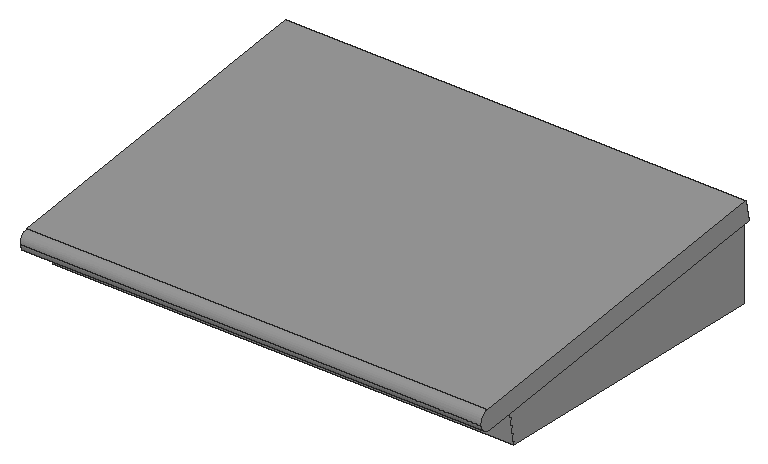
Revit family "Ion Xe", category Electrical Equipment, Revit 2018
Family settings
  Panel Configuration = Two Columns, Circuits Across
  Round Connector Dimension = Use Diameter
  Part Type = Panelboard
  OmniClass Number = 23.80.30.11.17
  OmniClass Title = Distribution Boards and Control Panels
  Work Plane-Based = No
  Always vertical = Yes
  Cut with Voids When Loaded = No
  Shared = No
  Room Calculation Point = No
Parameters (values of type "12000 OUTPUTS")
  Wattage = "50/60Hz"
  Voltage = "100-240V"
  URL = "https://www.etcconnect.com/WorkArea/DownloadAsset.aspx?id=10737492145"
  Type Comments = "See product datasheet for dimensions and specifications"
  Model = "Ion Xe"
  Material = "Aluminum"
  Manufacturer = "ETC, Inc."
  Fixture Part Number = "4311A1012-US"
  Designer = "Cfellin"
  Design Status = "1"
  Description = "Ion Xe 12000 Outputs"
  Date Created = "2/24/21"
  Cost = 0
Types (3): name | Fixture Part Number | Description
  (no name) | "4311A1012-US" | "Ion Xe 12000 Outputs"
  2000 OUTPUTS | "4311A1011-US" | "Ion Xe 2000 Outputs"
  12000 OUTPUTS | "4311A1012-US" | "Ion Xe 12000 Outputs"
Reference planes (in)
  plane 1 "Center (Front/Back)": y = 0
  plane 2: z = 0
  plane 3 "Center (Left/Right)": x = 0
Forms (in)
  Extrusion 1, solid, material "Aluminum"
    sketch origin (0, 0, -0.24109) x (0, 1, 0) y (0, 0, 1)
      loop
        line (6.1, 3.63648) -> (-6.32401, 1.8904) -> (-6.1, 0.62) -> (6.1, 0.62) -> (6.1, 3.63648)
    from -9.77344 to 9.77344
  Extrusion 2, solid, material "Aluminum"
    sketch origin (-9.77344, 0, -0.24109) x (0, -1, 0) y (0, 0, 1)
      loop
        line (-6.33989, 3.6702) -> (7.36542, 1.74404)
        arc (7.36542, 1.74404) -> (7.66182, 1.82069) -> (7.8172, 2.08448) r 0.4
        arc (7.8172, 2.08448) -> (7.74054, 2.38087) -> (7.47676, 2.53626) r 0.4
        line (7.47676, 2.53626) -> (-6.22855, 4.46241) -> (-6.33989, 3.6702)
    from -19.54688 to 0
  Extrusion 3, solid
    sketch origin (7, 6.1, 0.37891) x (-1, 0, 0) y (0, 1, 0)
      loop
        circle (15.13095, -1.37128) r 0.4
      loop
        circle (15.18776, -11.05272) r 0.4
      loop
        circle (-1.13095, -1.37128) r 0.4
      loop
        circle (-1.18776, -11.05272) r 0.4
    from 0 to 0.37891
Dimensions and locks (in)
  Extrusion 1 sketch curve to level = 0' - 0 97/256"
  Extrusion 1 sketch curve to Extrusion 1 sketch curve = 0' - 1.29"
  Extrusion 1 sketch curve to Extrusion 1 sketch curve = 0' - 3.01648"
  Extrusion 1 sketch curve to Extrusion 1 sketch curve = 1' - 0.2"
  angle Extrusion 1 sketch curve to Extrusion 1 sketch curve = 82.00°
  aligned and locked: level to plane 2
